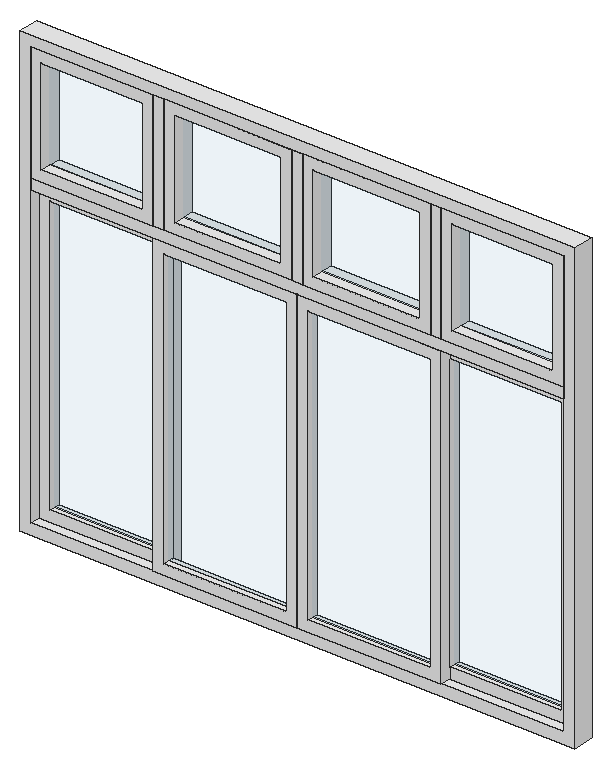
Revit family "window_slidingwindow_toppivot_4panel", category Windows, host Wall, Revit 2015
Parameters (values of type "2600w x 1500h")
  Website (Personal) = "http://revit.sg"
  JOIN ME! -  Revit.SG = "http://revit.sg/signup_form.html"
  HeightSlidingBottom = 1500 mm
  Height = 2100 mm
  Default Sill Height = 900 mm
  Wall Closure = By host
  Width = 2600 mm
  Creator = "Gary Lim"  # constant formula
  Analytic Construction = "<None>"
Reference planes
  plane 1 "Center (Front/Back)": y = 0
  plane 2 "Center (Left/Right)": x = 0
  plane 3 "Left": x = -1300
  plane 4 "Right": x = 1300
  plane 5 "Sill": z = 900
  plane 6 "Exterior": y = 100
  plane 7 "Interior": y = -100
  plane 8: x = 650
  plane 9: x = -650
  plane 10: x = 625
  plane 11: x = 675
  plane 12: x = -625
  plane 13: x = -675
  plane 14 "glass-side": y = -25
  plane 15 "glass-centre": y = -75
  plane 16: z = 1650
  plane 17: x = 975
  plane 18: x = 1075
  plane 19: x = 875
  plane 20 "glass-side-symbol-ext": y = -22
  plane 21: x = -975
  plane 22: x = -1075
  plane 23: x = -875
  plane 24: x = 325
  plane 25: x = 225
  plane 26: x = 425
  plane 27 "glass-centre-symbol-ext": y = -72
  plane 28: x = -325
  plane 29: x = -225
  plane 30: x = -425
  plane 31 "window top 2100": z = 3000
  plane 32: x = 25
  plane 33: x = -25
  plane 34: z = 2400
  plane 35: z = 2350
  plane 36: z = 2900
  plane 37 "top pivot glass": y = -50
  plane 38: z = 2900
Forms (mm)
  Sweep 1, solid, material "Aluminium"
    path origin (0, -100, 0) x (1, 0, 0) y (0, 0, 1)
      loop
        line (675, 2350) -> (0, 2350) -> (0, 950) -> (675, 950) -> (675, 2350)
    profile origin (337.5, -100, 2350) x (0, 0, -1) y (0, -1, 0)
      loop
        line (0, 0) -> (0, -50) -> (50, -50) -> (50, 0) -> (0, 0)
  Sweep 2, solid, material "Aluminium"
    path origin (0, -100, 0) x (-1, 0, 0) y (0, 0, 1)
      loop
        line (675, 2350) -> (0, 2350) -> (0, 950) -> (675, 950) -> (675, 2350)
    profile origin (-337.5, -100, 2350) x (0, 0, 1) y (0, -1, 0)
      loop
        line (0, 0) -> (-50, 0) -> (-50, -50) -> (0, -50) -> (0, 0)
  Extrusion 3, solid, material "Glass"
    sketch origin (0, -25, 0) x (-1, 0, 0) y (0, 0, 1)
      loop
        line (1199.934, 2300) -> (675, 2300) -> (675, 1000) -> (1199.934, 1000) -> (1199.934, 2300)
    from -3 to 3
  Extrusion 4, solid, material "Glass"
    sketch origin (0, -25, 0) x (1, 0, 0) y (0, 0, -1)
      loop
        line (1199.934, -2300) -> (1199.934, -1000) -> (675, -1000) -> (675, -2300) -> (1199.934, -2300)
    from -3 to 3
  Extrusion 5, solid, material "Glass"
    sketch origin (0, -75, 0) x (-1, 0, 0) y (0, 0, 1)
      loop
        line (-625, 2300) -> (-625, 1000) -> (-50, 1000) -> (-50, 2300) -> (-625, 2300)
    from -3 to 3
  Extrusion 6, solid, material "Glass"
    sketch origin (0, -75, 0) x (1, 0, 0) y (0, 0, -1)
      loop
        line (-625, -2300) -> (-50, -2300) -> (-50, -1000) -> (-625, -1000) -> (-625, -2300)
    from -3 to 3
  Sweep 7, solid, material "Aluminium"
    path origin (0, -100, 0) x (1, 0, 0) y (0, 0, 1)
      loop
        line (-1300, 3000) -> (-1300, 900) -> (1300, 900) -> (1300, 3000) -> (-1300, 3000)
    profile origin (0, -100, 3000) x (0, 0, 1) y (0, -1, 0)
      loop
        line (0, 0) -> (-50.066, 0) -> (-50.066, -100) -> (0, -100) -> (0, 0)
  Sweep 8, solid, material "Aluminium"
    path origin (0, -100, 0) x (1, 0, 0) y (0, 0, 1)
      loop
        line (625, 2350) -> (625, 950.066) -> (1249.934, 950.066) -> (1249.934, 2350) -> (625, 2350)
    profile origin (937.467, -100, 2350) x (0, 0, 1) y (0, -1, 0)
      loop
        line (0, -100) -> (0, -50) -> (-50, -50) -> (-50, -100) -> (0, -100)
  Sweep 9, solid, material "Aluminium"
    path origin (0, -100, 0) x (-1, 0, 0) y (0, 0, 1)
      loop
        line (625, 2350) -> (625, 950.066) -> (1249.934, 950.066) -> (1249.934, 2350) -> (625, 2350)
    profile origin (-937.467, -100, 2350) x (0, 0, -1) y (0, -1, 0)
      loop
        line (0, -100) -> (50, -100) -> (50, -50) -> (0, -50) -> (0, -100)
  Extrusion 10, solid, material "Aluminium"
    sketch origin (0, -100, 0) x (1, 0, 0) y (0, 0, 1)
      loop
        line (1249.934, 2400) -> (-1249.934, 2400) -> (-1249.934, 2350) -> (1249.934, 2350) -> (1249.934, 2400)
    from 0 to -100
  Extrusion 11, solid, material "Aluminium"
    sketch origin (0, -100, 0) x (1, 0, 0) y (0, 0, 1)
      loop
        line (675, 2400) -> (675, 2949.934) -> (625, 2949.934) -> (625, 2400) -> (675, 2400)
    from 0 to -100
  Extrusion 12, solid, material "Aluminium"
    sketch origin (550, -100, 0) x (-1, 0, 0) y (0, 0, -1)
      loop
        line (575, -2400) -> (525, -2400) -> (525, -2949.934) -> (575, -2949.934) -> (575, -2400)
    from 0 to -100
  Extrusion 13, solid, material "Aluminium"
    sketch origin (0, -100, 0) x (-1, 0, 0) y (0, 0, -1)
      loop
        line (675, -2400) -> (625, -2400) -> (625, -2949.934) -> (675, -2949.934) -> (675, -2400)
    from 0 to -100
  Sweep 14, solid, material "Aluminium"
    path origin (0, -100, 0) x (1, 0, 0) y (0, 0, 1)
      loop
        line (-1249.934, 2949.934) -> (-1249.934, 2400) -> (-675, 2400) -> (-675, 2949.934) -> (-1249.934, 2949.934)
    profile origin (-962.467, -100, 2949.934) x (0, 0, 1) y (0, -1, 0)
      loop
        line (0, -100) -> (0, 0) -> (-49.934, 0) -> (-49.934, -100) -> (0, -100)
  Extrusion 15, solid, material "Glass"
    sketch origin (0, -50, 0) x (0, 0, -1) y (-1, 0, 0)
      loop
        line (-2900, 1200) -> (-2900, 724.934) -> (-2449.934, 724.934) -> (-2449.934, 1200) -> (-2900, 1200)
    from -3 to 3
  Sweep 16, solid, material "Aluminium"
    path origin (0, -100, 0) x (-1, 0, 0) y (0, 0, 1)
      loop
        line (-1249.934, 2949.934) -> (-1249.934, 2400) -> (-675, 2400) -> (-675, 2949.934) -> (-1249.934, 2949.934)
    profile origin (962.467, -100, 2949.934) x (0, 0, -1) y (0, -1, 0)
      loop
        line (0, -100) -> (49.934, -100) -> (49.934, 0) -> (0, 0) -> (0, -100)
  Extrusion 17, solid, material "Glass"
    sketch origin (0, -50, 0) x (0, 0, -1) y (-1, 0, 0)
      loop
        line (-2900, -1200) -> (-2449.934, -1200) -> (-2449.934, -724.934) -> (-2900, -724.934) -> (-2900, -1200)
    from -3 to 3
  Sweep 18, solid, material "Aluminium"
    path origin (0, -50, 0) x (0, 0, -1) y (-1, 0, 0)
      loop
        line (-2949.934, 625) -> (-2949.934, 25) -> (-2400, 25) -> (-2400, 625) -> (-2949.934, 625)
    profile origin (-325, -50, 2949.934) x (0, 0, -1) y (0, 1, 0)
      loop
        line (0, 50) -> (0, -50) -> (49.934, -50) -> (49.934, 50) -> (0, 50)
  Extrusion 19, solid, material "Glass"
    sketch origin (0, -50, 0) x (0, 0, -1) y (-1, 0, 0)
      loop
        line (-2900, 575.066) -> (-2900, 74.934) -> (-2449.934, 74.934) -> (-2449.934, 575.066) -> (-2900, 575.066)
    from -3 to 3
  Sweep 20, solid, material "Aluminium"
    path origin (0, -50, 0) x (0, 0, -1) y (1, 0, 0)
      loop
        line (-2949.934, 625) -> (-2949.934, 25) -> (-2400, 25) -> (-2400, 625) -> (-2949.934, 625)
    profile origin (325, -50, 2949.934) x (0, 0, 1) y (0, 1, 0)
      loop
        line (0, 50) -> (-49.934, 50) -> (-49.934, -50) -> (0, -50) -> (0, 50)
  Extrusion 21, solid, material "Glass"
    sketch origin (0, -50, 0) x (0, 0, -1) y (-1, 0, 0)
      loop
        line (-2900, -575.066) -> (-2449.934, -575.066) -> (-2449.934, -74.934) -> (-2900, -74.934) -> (-2900, -575.066)
    from -3 to 3
Lines and regions (mm)
  Opening 1
    outline origin (3500, -100, 0) x (1, 0, 0) y (0, 0, 1)
      loop
        line (-2200, 900) -> (-2200, 3000) -> (-4800, 3000) -> (-4800, 900) -> (-2200, 900)
  symbolic lines, style "WindowsOpeningProjection"
    curve 1: line (1075, -25, 1650) -> (875, -25, 1650)
    curve 2: line (875, -25, 1650) -> (931.569, -25, 1706.569)
    curve 3: line (-1075, -25, 1650) -> (-875, -25, 1650)
    curve 4: line (-875, -25, 1650) -> (-931.569, -25, 1706.569)
    curve 5: line (425, -75, 1650) -> (225, -75, 1650)
    curve 6: line (425, -75, 1650) -> (368.431, -75, 1706.569)
    curve 7: line (-425, -75, 1650) -> (-225, -75, 1650)
    curve 8: line (-425, -75, 1650) -> (-368.431, -75, 1706.569)
  symbolic lines, style "Elevation Swing"
    curve 9: line (-1249.934, -50, 2400) -> (-975, -50, 2949.934)
    curve 10: line (-975, -50, 2949.934) -> (-675, -50, 2400)
    curve 11: line (1249.934, -50, 2400) -> (975, -50, 2949.934)
    curve 12: line (975, -50, 2949.934) -> (675, -50, 2400)
    curve 13: line (-625, -50, 2400) -> (-325, -50, 2949.934)
    curve 14: line (-325, -50, 2949.934) -> (-25, -50, 2400)
    curve 15: line (625, -50, 2400) -> (325, -50, 2949.934)
    curve 16: line (325, -50, 2949.934) -> (25, -50, 2400)
Text (mm)
  text "EXTERIOR" at (-1963.203, 1332.353, 0), in view "Ref. Level"
  text "INTERIOR" at (-1981.466, -818.386, 0), in view "Ref. Level"
  text "Exterior" at (0, 923.751, 2943.296), in view "Right"
  text "Exterior" at (0, 1040.484, 2685.409), in view "Left"
Dimensions and locks
  equal spacing: plane 3 "Left", plane 2 "Center (Left/Right)", plane 4 "Right"
  "Width": plane 3 "Left" to plane 4 "Right"
  "Default Sill Height": plane 5 "Sill" to level
  locked: plane 6 "Exterior" to host wall at 0
  locked: plane 7 "Interior" to host wall
  locked: plane 11 to plane 8 at 25
  locked: plane 10 to plane 8 at 25
  locked: plane 12 to plane 9 at 25
  locked: plane 13 to plane 9 at 25
  equal spacing: plane 2 "Center (Left/Right)", plane 8, plane 4 "Right"
  equal spacing: plane 3 "Left", plane 9, plane 2 "Center (Left/Right)"
  locked: host wall to plane 15 "glass-centre" at 25
  locked: plane 14 "glass-side" to host wall at 75
  plane 5 "Sill" to plane 16 = 750 mm
  equal spacing: plane 8, plane 17, plane 4 "Right"
  plane 19 to plane 17 to plane 18 = 100 mm locked, 100 mm locked
  plane 23 to plane 21 to plane 22 = 100 mm locked, 100 mm locked
  equal spacing: plane 3 "Left", plane 21, plane 9
  equal spacing: plane 2 "Center (Left/Right)", plane 24, plane 8
  plane 25 to plane 24 to plane 26 = 100 mm locked, 100 mm locked
  plane 29 to plane 28 to plane 30 = 100 mm locked, 100 mm locked
  equal spacing: plane 9, plane 28, plane 2 "Center (Left/Right)"
  plane 32 to plane 2 "Center (Left/Right)" to plane 33 = 25 mm locked, 25 mm locked
  "Height": plane 31 "window top 2100" to plane 5 "Sill"
  "HeightSlidingBottom": plane 34 to plane 5 "Sill"
  locked: plane 34 to plane 35 at 50
  locked: Sweep 14 sketch curve to profile plane at 49.934
  locked: plane 37 "top pivot glass" to host wall at 50
  locked: profile plane to Sweep 16 sketch curve at 49.934
  aligned and locked: plane 11 to Sweep 1 sketch curve
  aligned and locked: plane 2 "Center (Left/Right)" to Sweep 1 sketch curve
  aligned and locked: Extrusion 5 sketch curve to Sweep 1  (x4)
  aligned and locked: Sweep 7 sketch curve to host wall  (x3)
  aligned and locked: host wall to Sweep 7 sketch curve
  aligned and locked: plane 31 "window top 2100" to Opening 1 sketch curve
  aligned and locked: Sweep 8 sketch curve to Sweep 1  (x2)
  aligned and locked: Sweep 8 sketch curve to plane 10
  aligned and locked: Sweep 8 sketch curve to Sweep 7
  aligned and locked: Sweep 8 sketch curve to profile plane
  aligned and locked: Sweep 1 to Sweep 8 sketch curve
  aligned and locked: Extrusion 4 to Sweep 8
  aligned and locked: Extrusion 3 to Sweep 9
  aligned and locked: Extrusion 10 sketch curve to Sweep 7
  aligned and locked: Extrusion 10 sketch curve to Sweep 9  (x2)
  aligned and locked: host wall to Extrusion 10
  aligned and locked: Extrusion 11 sketch curve to plane 11
  aligned and locked: Sweep 7 to Extrusion 11 sketch curve
  aligned and locked: Extrusion 11 sketch curve to plane 10
  aligned and locked: host wall to Extrusion 11
  aligned and locked: plane 34 to Extrusion 10
  aligned and locked: plane 34 to Extrusion 10 sketch curve
  aligned and locked: Sweep 9 sketch curve to profile plane
  aligned and locked: plane 35 to Extrusion 10
  aligned and locked: plane 35 to Sweep 2
  aligned and locked: plane 35 to Sweep 1
  aligned and locked: plane 35 to Sweep 8
  aligned and locked: Extrusion 11 to Extrusion 10
  aligned and locked: Sweep 1 to Extrusion 3
  aligned and locked: Sweep 1 to Extrusion 6
  aligned and locked: Extrusion 4 to Sweep 1
  aligned and locked: Sweep 14 sketch curve to Sweep 7  (x2)
  aligned and locked: Sweep 7 to Sweep 14 sketch curve
  aligned and locked: Sweep 14 sketch curve to Extrusion 13  (x2)
  aligned and locked: profile plane to Sweep 14 sketch curve
  aligned and locked: Sweep 7 to plane 31 "window top 2100"
  aligned and locked: Extrusion 15 sketch curve to Sweep 14  (x4)
  aligned and locked: profile plane to Sweep 16 sketch curve
  aligned and locked: Extrusion 13 to Sweep 18 sketch curve
  aligned and locked: Sweep 18 sketch curve to Extrusion 13
  aligned and locked: Extrusion 12 to Sweep 18 sketch curve
  aligned and locked: Sweep 18 sketch curve to Extrusion 12
  aligned and locked: Sweep 18 sketch curve to Sweep 7
  aligned and locked: Sweep 18 sketch curve to Sweep 14  (x2)
  aligned and locked: Extrusion 19 sketch curve to Sweep 18  (x4)
  aligned and locked: curve 10 to Sweep 14
  aligned and locked: Sweep 18 to curve 13
Automatic sketch dimensions
  curve 6 to plane 16 = 0 mm
  plane 26 to curve 6 = 0 mm
  curve 5 to plane 25 = 0 mm
  curve 7 to plane 16 = 0 mm
  plane 29 to curve 7 = 0 mm
  curve 8 to plane 30 = 0 mm
  curve 6 to plane 24 = 43.431 mm
  curve 8 to plane 28 = 43.431 mm
  plane 16 to curve 8 = 56.569 mm
  plane 16 to curve 6 = 56.569 mm
  curve 1 to plane 16 = 0 mm
  plane 18 to curve 1 = 0 mm
  curve 2 to plane 19 = 0 mm
  curve 3 to plane 16 = 0 mm
  plane 23 to curve 3 = 0 mm
  curve 3 to plane 22 = 0 mm
  plane 17 to curve 2 = 43.431 mm
  plane 21 to curve 4 = 43.431 mm
  plane 16 to curve 4 = 56.569 mm
  plane 16 to curve 2 = 56.569 mm
  plane 3 "Left" to Opening 1 sketch curve = 0 mm
  plane 4 "Right" to Opening 1 sketch curve = 0 mm
  Opening 1 sketch curve to plane 5 "Sill" = 0 mm
  Sweep 1 sketch curve to plane 35 = 0 mm
  Sweep 1 sketch curve to plane 5 "Sill" = 50 mm
  Sweep 1 sketch curve to profile plane = 0 mm
  Sweep 1 sketch curve to plane 7 "Interior" = 0 mm
  Sweep 1 sketch curve to profile plane = 50 mm
  Sweep 1 sketch curve to plane 7 "Interior" = 50 mm
  plane 2 "Center (Left/Right)" to Sweep 2 sketch curve = 0 mm
  plane 13 to Sweep 2 sketch curve = 0 mm
  Sweep 2 sketch curve to plane 35 = 0 mm
  plane 5 "Sill" to Sweep 2 sketch curve = 50 mm
  Sweep 2 sketch curve to plane 7 "Interior" = 0 mm
  profile plane to Sweep 2 sketch curve = 0 mm
  profile plane to Sweep 2 sketch curve = 50 mm
  Sweep 2 sketch curve to plane 7 "Interior" = 50 mm
  plane 13 to Extrusion 3 sketch curve = 0 mm
  Extrusion 3 sketch curve to plane 3 "Left" = 100.066 mm
  Extrusion 3 sketch curve to plane 5 "Sill" = 100 mm
  Extrusion 3 sketch curve to plane 35 = 50 mm
  Extrusion 4 sketch curve to plane 11 = 0 mm
  Extrusion 4 sketch curve to plane 4 "Right" = 100.066 mm
  plane 5 "Sill" to Extrusion 4 sketch curve = 100 mm
  plane 35 to Extrusion 4 sketch curve = 50 mm
  Extrusion 6 sketch curve to plane 12 = 0 mm
  Extrusion 6 sketch curve to plane 33 = 25 mm
  plane 5 "Sill" to Extrusion 6 sketch curve = 100 mm
  plane 35 to Extrusion 6 sketch curve = 50 mm
  Sweep 7 sketch curve to plane 7 "Interior" = 0 mm
  profile plane to Sweep 7 sketch curve = 0 mm
  profile plane to Sweep 7 sketch curve = 50.066 mm
  Sweep 7 sketch curve to plane 7 "Interior" = 100 mm
  plane 4 "Right" to Sweep 8 sketch curve = 50.066 mm
  Sweep 8 sketch curve to Sweep 8 sketch curve = 50 mm
  Sweep 9 sketch curve to plane 12 = 0 mm
  Sweep 9 sketch curve to plane 35 = 0 mm
  plane 3 "Left" to Sweep 9 sketch curve = 50.066 mm
  plane 5 "Sill" to Sweep 9 sketch curve = 50.066 mm
  Sweep 9 sketch curve to profile plane = 50 mm
  Sweep 9 sketch curve to plane 7 "Interior" = 100 mm
  Sweep 9 sketch curve to plane 7 "Interior" = 50 mm
  Extrusion 11 sketch curve to plane 34 = 0 mm
  plane 32 to Extrusion 12 sketch curve = 0 mm
  plane 33 to Extrusion 12 sketch curve = 0 mm
  Extrusion 12 sketch curve to plane 34 = 0 mm
  Extrusion 12 sketch curve to plane 31 "window top 2100" = 50.066 mm
  Extrusion 13 sketch curve to plane 12 = 0 mm
  Extrusion 13 sketch curve to plane 13 = 0 mm
  Extrusion 13 sketch curve to plane 34 = 0 mm
  Extrusion 13 sketch curve to plane 31 "window top 2100" = 50.066 mm
  Sweep 14 sketch curve to plane 7 "Interior" = 100 mm
  Sweep 16 sketch curve to plane 34 = 0 mm
  Sweep 16 sketch curve to plane 11 = 0 mm
  Sweep 16 sketch curve to plane 4 "Right" = 50.066 mm
  Sweep 16 sketch curve to plane 31 "window top 2100" = 50.066 mm
  Sweep 16 sketch curve to profile plane = 0 mm
  Sweep 16 sketch curve to plane 7 "Interior" = 100 mm
  Extrusion 17 sketch curve to plane 11 = 49.934 mm
  Extrusion 17 sketch curve to plane 31 "window top 2100" = 100 mm
  Extrusion 17 sketch curve to plane 34 = 49.934 mm
  Extrusion 17 sketch curve to plane 4 "Right" = 100 mm
  plane 37 "top pivot glass" to Sweep 18 sketch curve = 50 mm
  Sweep 20 sketch curve to plane 32 = 0 mm
  plane 10 to Sweep 20 sketch curve = 0 mm
  Sweep 20 sketch curve to plane 34 = 0 mm
  Sweep 20 sketch curve to plane 31 "window top 2100" = 50.066 mm
  profile plane to Sweep 20 sketch curve = 0 mm
  profile plane to Sweep 20 sketch curve = 49.934 mm
  Sweep 20 sketch curve to plane 37 "top pivot glass" = 50 mm
  plane 37 "top pivot glass" to Sweep 20 sketch curve = 50 mm
  Extrusion 21 sketch curve to plane 32 = 49.934 mm
  Extrusion 21 sketch curve to plane 31 "window top 2100" = 100 mm
  Extrusion 21 sketch curve to plane 34 = 49.934 mm
  Extrusion 21 sketch curve to plane 10 = 49.934 mm
  plane 24 to curve 16 = 0 mm
  curve 9 to plane 21 = 0 mm
  curve 14 to plane 28 = 0 mm
  plane 17 to curve 11 = 0 mm
  curve 11 to plane 34 = 0 mm
  curve 14 to plane 33 = 0 mm
  curve 14 to plane 34 = 0 mm
  plane 10 to curve 15 = 0 mm
  curve 15 to plane 34 = 0 mm
  curve 12 to plane 11 = 0 mm
  curve 12 to plane 34 = 0 mm
  curve 9 to plane 34 = 0 mm
  curve 16 to plane 32 = 0 mm
  curve 16 to plane 34 = 0 mm
  curve 13 to plane 12 = 0 mm
  plane 13 to curve 10 = 0 mm
  plane 31 "window top 2100" to curve 15 = 50.066 mm
  plane 31 "window top 2100" to curve 12 = 50.066 mm
  plane 31 "window top 2100" to curve 13 = 50.066 mm
  plane 31 "window top 2100" to curve 10 = 50.066 mm
  plane 4 "Right" to curve 11 = 50.066 mm
  curve 9 to plane 3 "Left" = 50.066 mm
